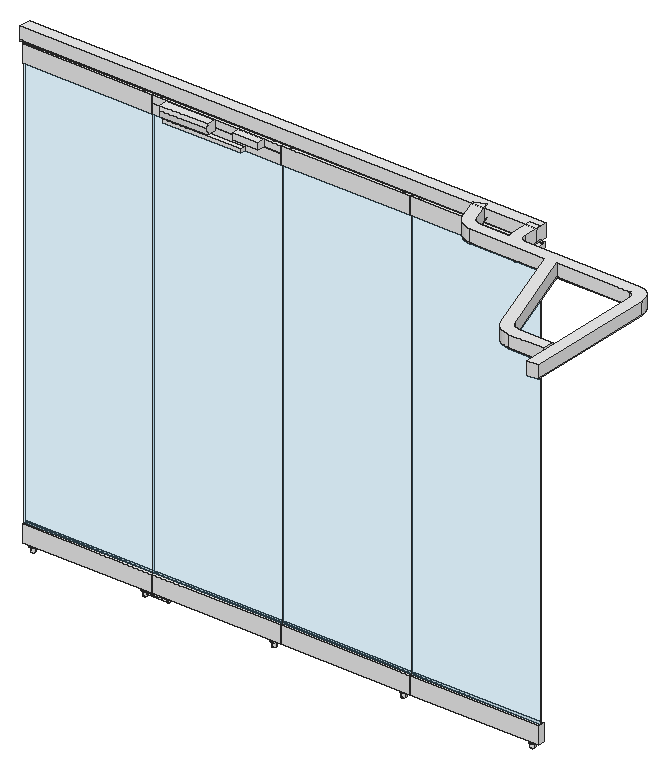
Revit family "75001", category Doors, host Wall, Revit 2018
Family settings
  Host = Wall
  OmniClass Number = 23.30.10.17.11
  OmniClass Title = Sliding Doors
  Always vertical = Yes
  Cut with Voids When Loaded = No
  Shared = No
  Room Calculation Point = No
Parameters (values of type "HSW75 - Concept H")
  Wall Width [instance] = 0' - 6"
  Socket C [instance] = Panels  # 4
  Panels C [instance] = if(Panels = 3, 2, Panels - 2)  # 2
  Open Single [instance] = if(and(Open, Panels = 3), 1 = 1, 1 = 0)  # no
  Open Multi [instance] = if(and(Open, Panels > 3), 1 = 1, 1 = 0)  # no
  Left Stack Constraint C [instance] = if(Panels = 3, 2, Panels - 2)  # 2
  Header Thickenss = 0' - 2 1/4"  # constant formula
  Exterior Wall Offset C [instance] = if(Wall Width - Exterior Wall Offset > 0' 5", Wall Width - 0' 5", if(Wall Width - Exterior Wall Offset > 0' 3 23/32", Wall Width - 0' 3 23/32", Exterior Wall Offset))  # 0' - 2 9/32"
  Closed Single [instance] = if(and(Closed, Panels = 3), 1 = 1, 1 = 0)  # no
  Closed Multi [instance] = if(and(Closed, Panels > 3), 1 = 1, 1 = 0)  # yes
  Analytic Construction = "<None>"
  A Overide Stack [instance] = 1 = 1  # yes
  Y N Overide Number of Panels [instance] = no
  Warranty URL = "http://www.nanawall.com/support/warranty"
  URL = "http://www.nanawall.com/"
  Thickness = 0' - 1 7/16"
  Subcategory = "Single Track Sliding Door"  # constant formula
  Size Note = "Adjust Height and Width as necessary to fit your project needs. Multiple Panel and opening configurations are available. See Product Page URL for more information."  # constant formula
  Size Comment [instance] = if(or(A Overide Stack, Y N Overide Number of Panels), "CONTACT NANAWALL FOR SPECIAL SIZING", " ")  # "CONTACT NANAWALL FOR SPECIAL SIZING"
  Size Chart [instance] = "https://www.nanawall.com/products/hsw75/sizes"
  Sills Available = "Raised, Low Profile Saddle, Flush"  # constant formula
  Sash = Metal - NanaWall - Aluminum
  Rough Width = Width - (2 * (0' 0 121/128"))  # 9' - 10 7/64"
  Rough Height = Height Constraint  # 9' - 0"
  Product Page URL = "https://www.nanawall.com/products/hsw75"
  Performance URL = "https://www.nanawall.com/products/hsw75/performance"
  Panels [instance] = if(Y N Overide Number of Panels, Overide Number of Panels, Panel Constraint)  # 4
  Panel Width [instance] = Opening Width / Panels  # 2' - 6"
  Panel Height = Height Constraint  # 9' - 0"
  Panel Constraint [instance] = if(Width < 9' 0", 3, if(Width < 12' 0", 4, if(Width < 15' 0", 5, if(Width < 18' 0", 6, if(Width < 21' 0", 7, if(Width < 24' 0", 8, if(Width < 27' 0", 9, if(Width < 30' 0", 10, if(Width < 33' 0", 11, if(Width < 36' 0", 12, if(Width < 39' 0", 13, if(Width < 42' 0", 14, if(Width < 45' 0", 15, if(Width < 48' 0", 16, if(Width < 51' 0", 17, if(Width < 54' 0", 18, if(Width < 57' 0", 19, if(Width < 60' 0", 20, 21))))))))))))))))))  # 4
  Overide Number of Panels [instance] = 4
  Opening Width = Width  # 10' - 0"
  Open [instance] = no
  NanaWall Configurator = "http://www.nanawall.com/content/select-wizard"
  Model = "HSW75 - Concept H"  # constant formula
  Max Panel Height = if(Panel Height > 10' 6", 10' 6", Panel Height)  # 9' - 0"
  Manufacturer Toll Free Phone = "(888) 411-NANA(6262)"  # constant formula
  Manufacturer Phone = "(415) 383-3148"  # constant formula
  Manufacturer Fax = "(415) 383-0312"  # constant formula
  Manufacturer Email = "mailto:info@nanawall.com"
  Manufacturer Address = "100 Meadowcreek Drive #250, Corte Madera, CA 94925"  # constant formula
  Manufacturer = "NanaWall Systems, Inc."  # constant formula
  Left Standard [instance] = rounddown(Panels / 2)  # 2
  Left Stack Width [instance] = (Panels * 0' 2") + 0' 1 3/8"  # 0' - 9 3/8"
  Jamb Height = if(Height < 3' 3", 3' 3 61/64", if(Height > Height Constraint, Height Constraint + 0' 0 61/64", Height + 0' 0 61/64"))  # 9' - 0 61/64"
  Installation and Service URL = "https://www.nanawall.com/products/hsw75/installation-service"
  Height Constraint = if(Height < 3' 3", 3' 3", if(Height > 10' 6", 10' 6", Height))  # 9' - 0"
  Height = 9' - 0"
  Wall Closure = By host
  Width = 10' - 0"
  Half Panel Width [instance] = Panel Width / 2  # 1' - 3"
  Glazing Options = "https://www.nanawall.com/products/hsw75/glass"
  Glass Material = Glass - NanaWall - Generic
  Exterior Wall Offset = 0' - 1"
  Engineering Details URL = "https://www.nanawall.com/shortform?typ=NW%20-%20Download&doc=https://www.nanawall.com/products/hsw75/cad-3d"
  Detail Component in Section = yes
  Detail Component in Plan = yes
  Description = "Frameless Glass Wall"  # constant formula
  Cost Info = "https://www.nanawall.com/products/hsw75/pricing"
  Closed [instance] = not(Open)  # yes
  Clearance On [instance] = no
  Assembly Code = "B2050.1040"
  A Split Stack Right [instance] = 1  # constant formula
  A Split Stack [instance] = 1 = 0  # no
  A Right Stack [instance] = 1 = 0  # no
  A Left Stack [instance] = 1 = 1  # yes
  95 CSI = "8411"  # constant formula
  04 CSI = "08 41 13"  # constant formula
Reference planes (in)
  plane 1 "Center (Front/Back)": y = 0
  plane 2 "Center (Left/Right)": x = 0
  plane 3 "Left": x = -60
  plane 4 "Right": x = 60
  plane 5 "Top": z = 108
  plane 6: z = 103.9375
  plane 7 "Top Edge Of Sill": z = 0.49213
  plane 8: z = 54
  plane 9 "Sash Offset Plane": y = 0.71875
  plane 10: x = 30
  plane 11 "EXT": y = 3.02178
  plane 12: y = 1.4375
  plane 13: y = 0
  plane 14: y = 0.9375
  plane 15: y = 0.5
  plane 16: z = 0.09228
  plane 17: x = -55.35212
  plane 18: x = 32
  plane 19: x = -30
  plane 20: x = 0
  plane 21: x = -32
  plane 22: x = -2
  plane 23: x = -58
  plane 24: y = 3.61657
  plane 25: y = -1.16981
  plane 26: y = -7.03125
  plane 27: y = 1.84375
  plane 28: y = -0.40625
  plane 29: x = 81
  plane 30: x = 90.375
  plane 31: y = -35.03125
  plane 32: y = -5.03125
  plane 33: y = -33.03125
  plane 34: y = -39.77531
  plane 35: x = 87.625
  plane 36: x = 83.375
  plane 37: x = 81.375
Forms (in)
  Sweep 1, solid, material "Metal - NanaWall - Aluminum" <- "Sash"
    path origin (0, 0, 108) x (0, -1, 0) y (1, 0, 0)
      loop
        line (39.77531, 90.375) -> (9.78125, 90.375)
        arc (9.78125, 90.375) -> (7.83671, 89.56954) -> (7.03125, 87.625) r 2.75
        line (7.03125, 87.625) -> (7.03125, 50.71228)
        arc (7.03125, 50.71228) -> (6.59887, 49.16861) -> (5.42756, 48.07413) r 2.9718
        line (5.42756, 48.07413) -> (-0.5, 45.91667)
    profile origin (69.16864, -7.03125, 108) x (0, -1, 0) y (0, 0, 1)
      loop
        line (1.31015, 0) -> (-1.31015, 0) -> (-1.31015, -2.87925)
        arc (-1.31015, -2.87925) -> (-1.25239, -3.0187) -> (-1.11294, -3.07646) r 0.19721
        line (-1.11294, -3.07646) -> (1.11294, -3.07646)
        arc (1.11294, -3.07646) -> (1.25239, -3.0187) -> (1.31015, -2.87925) r 0.19721
        line (1.31015, -2.87925) -> (1.31015, 0)
  Extrusion 2, void
    sketch origin (0, 0, 108) x (0, -1, 0) y (-1, 0, 0)
      loop
        line (-3, 60) -> (-3, -60) -> (3, -60) -> (3, 60) -> (-3, 60)
    from 0 to 108
  Sweep 3, solid, material "Metal - NanaWall - Aluminum" <- "Sash"
    path origin (0, 0, 108) x (0, -1, 0) y (1, 0, 0)
      loop
        line (-0.5, 58.6875) -> (4.15625, 58.6875)
        arc (4.15625, 58.6875) -> (6.18918, 59.52957) -> (7.03125, 61.5625) r 2.875
        line (7.03125, 61.5625) -> (7.03125, 68.93653) -> (31.06662, 77.68469)
        arc (31.06662, 77.68469) -> (32.49126, 78.77786) -> (33.03125, 80.49048) r 2.98586
        line (33.03125, 80.49048) -> (33.03125, 88.51114)
    profile origin (58.6875, -1.82812, 108) x (1, 0, 0) y (0, 0, 1)
      loop
        line (1.31015, 0) -> (-1.31015, 0) -> (-1.31015, -2.87925)
        arc (-1.31015, -2.87925) -> (-1.25239, -3.0187) -> (-1.11294, -3.07646) r 0.19721
        line (-1.11294, -3.07646) -> (1.11294, -3.07646)
        arc (1.11294, -3.07646) -> (1.25239, -3.0187) -> (1.31015, -2.87925) r 0.19721
        line (1.31015, -2.87925) -> (1.31015, 0)
Cuts and joins
  joined: Sweep 1, Sweep 3
Lines and regions (in)
  Masking region 1
    outline origin (29, 0, 0) x (0, -1, 0) y (1, 0, 0)
      loop
        arc (31.42544, 47.64514) -> (33.42758, 49.25295) -> (34.15611, 51.71523) r 4.29918
        line (34.15611, 51.71523) -> (34.15611, 59.51114) -> (31.99552, 59.51114) -> (31.99552, 51.31086)
        arc (31.99552, 51.31086) -> (31.58362, 50.26372) -> (30.6989, 49.56844) r 2.14828
        line (30.6989, 49.56844) -> (8.25073, 41.39797) -> (8.25073, 59.05792)
        arc (8.25073, 59.05792) -> (8.61684, 59.9418) -> (9.50073, 60.30792) r 1.25
        line (9.50073, 60.30792) -> (39.77531, 60.30792) -> (39.77531, 62.55792) -> (9.50073, 62.55792)
        arc (9.50073, 62.55792) -> (7.02585, 61.53279) -> (6.00073, 59.05792) r 3.5
        line (6.00073, 59.05792) -> (6.00073, 32.75)
        arc (6.00073, 32.75) -> (5.48816, 31.51256) -> (4.25073, 31) r 1.75
        line (4.25073, 31) -> (0.40625, 31) -> (0.40625, 28.75) -> (4.25073, 28.75)
        arc (4.25073, 28.75) -> (5.14864, 28.85208) -> (6.00073, 29.15313) r 4
        line (6.00073, 29.15313) -> (6.00073, 21.77439)
        arc (6.00073, 21.77439) -> (5.68757, 20.70751) -> (4.87291, 19.95081) r 2.09655
        line (4.87291, 19.95081) -> (0.40625, 18.32508) -> (0.40625, 15.93068) -> (5.75613, 17.87787)
        arc (5.75613, 17.87787) -> (7.56077, 19.45996) -> (8.25073, 21.75859) r 4.34655
        line (8.25073, 21.75859) -> (8.25073, 37.10444)
        arc (8.25073, 37.10444) -> (8.79032, 38.73476) -> (10.07511, 39.87426) r 3.30503
        line (10.07511, 39.87426) -> (31.42544, 47.64514)
  symbolic lines, detail levels fine
    curve 1: line (0, 20.61503, 0) -> (0, 20.61503, 0.0625)
    curve 2: line (0, 14.29472, 0) -> (0, 14.29472, 0.0625)
  symbolic lines, style "DoorsHiddenLines", visible <- "Open"
    curve 3: line (-60, 1.84375, 0) -> (60, 1.84375, 0)
    curve 4: line (-60, -0.40625, 0) -> (60, -0.40625, 0)
  symbolic lines, style "Elevation Swing", visible <- "Closed"
    curve 5: line (0, 0.71875, 103.9375) -> (-29.8125, 0.71875, 54)
    curve 6: line (-29.8125, 0.71875, 54) -> (0, 0.71875, 0.49213)
Text (in)
  text "Exterior" at (-74.96733, 61.50183, 0), in view "Ref. Level"
  text "Interior" at (-74.96733, -39.71944, 0), in view "Ref. Level"
  text "Exterior" at (0, 40.15149, 87.26307), in view "Right"
  text "Interior" at (0, -64.39139, 87.26307), in view "Right"
  text "Interior" at (0, -31.01599, 123.00693), in view "Left"
  text "Exterior" at (0, 56.57145, 130.34319), in view "Left"
Dimensions and locks (in)
  "Height Constraint": level to plane 5 "Top"
  "Width": plane 3 "Left" to plane 4 "Right"
  equal spacing: plane 3 "Left", plane 2 "Center (Left/Right)", plane 4 "Right"
  locked: plane 6 to plane 5 "Top" at 4.0625
  equal spacing: level, plane 8, plane 5 "Top"
  nested 1 to plane 5 "Top" = 0' - 3.07646"
  "Exterior Wall Offset C": host wall to plane 9 "Sash Offset Plane"
  plane 7 "Top Edge Of Sill" to plane 16 to level = 0' - 0.39985" locked, 0' - 0.09228" locked
  plane 3 "Left" to plane 17 = 0' - 4.64788"
  locked: plane 10 to plane 18 at 2
  "Panel Width": plane 19 to plane 20
  locked: plane 22 to plane 20 at 2
  locked: plane 21 to plane 19 at 2
  equal spacing: group 1, group 2, group 5, group 8  (x3)
  locked: plane 3 "Left" to plane 23 at 2
  "Panel Width": plane 3 "Left" to plane 19
  "Panel Width": plane 10 to plane 4 "Right"
  equal spacing: plane 15, plane 9 "Sash Offset Plane", plane 14
  locked: plane 15 to plane 14 at 0.4375
  equal spacing: plane 13, plane 9 "Sash Offset Plane", plane 12
  locked: plane 13 to plane 12 at 1.4375
  group 4 to group 3 = 2' - 6"
  group 3 to group 4 = 0' - 0"  (x2)
  locked: plane 26 to plane 9 "Sash Offset Plane" at 7.75
  Sweep 1 sketch curve to plane 26 to Sweep 1 sketch curve = 0' - 1.11294" locked, 0' - 1.11294" locked
  Sweep 1 sketch curve to Sweep 1 sketch curve to Sweep 1 sketch curve to plane 5 "Top" = 0' - 0.19721" locked, 0' - 0" locked, 0' - 2.87925" locked
  Sweep 1 sketch curve to plane 26 to Sweep 1 sketch curve = 0' - 1.31015" locked, 0' - 1.31015" locked
  Sweep 3 sketch curve to Sweep 3 sketch curve to plane 4 "Right" = 0' - 2.22588" locked, 0' - 0.19956" locked
  plane 5 "Top" to Sweep 3 sketch curve to Sweep 3 sketch curve to Sweep 3 sketch curve = 0' - 2.87925" locked, 0' - 0" locked, 0' - 0.19721" locked
  Sweep 3 sketch curve to Sweep 3 sketch curve to plane 4 "Right" = 0' - 2.6203" locked, 0' - 0.00235" locked
  "Wall Width": host wall to host wall
  equal spacing: plane 27, plane 9 "Sash Offset Plane", plane 28
  "Header Thickenss": plane 27 to plane 28
  locked: plane 4 "Right" to plane 29 at 21
  "Left Stack Width": plane 29 to plane 30
  "Panel Width": plane 31 to plane 32
  locked: plane 26 to plane 32 at 2
  locked: plane 31 to plane 33 at 2
  locked: plane 34 to plane 31 at 4.74406
  locked: plane 35 to plane 30 at 2.75
  locked: plane 36 to plane 35 at 4.25
  locked: plane 37 to plane 36 at 2
  group 7 to group 6 = 0' - 2"
  group 6 to group 7 = 0' - 0"  (x2)
  Masking region 1 sketch curve to Masking region 1 sketch curve to Masking region 1 sketch curve to Masking region 1 sketch curve to Masking region 1 sketch curve to Masking region 1 sketch curve to plane 4 "Right" to Masking region 1 sketch curve to Masking region 1 sketch curve = 0' - 2.07293" locked, 0' - 1.80778" locked, 0' - 0.0158" locked, 0' - 6.97561" locked, 0' - 0.40313" locked, 0' - 1.84687" locked, 0' - 0" locked, 0' - 1 3/4" locked
  Masking region 1 sketch curve to Masking region 1 sketch curve to Masking region 1 sketch curve to plane 30 to Masking region 1 sketch curve = 0' - 0" locked, 0' - 1 1/4" locked, 0' - 1.06708" locked, 0' - 1.18292" locked
  Masking region 1 sketch curve to Masking region 1 sketch curve to Masking region 1 sketch curve to Masking region 1 sketch curve to Masking region 1 sketch curve to plane 26 to Masking region 1 sketch curve to Masking region 1 sketch curve to Masking region 1 sketch curve to Masking region 1 sketch curve to Masking region 1 sketch curve to Masking region 1 sketch curve = 0' - 0.57438" locked, 0' - 0" locked, 0' - 1 1/4" locked, 0' - 0" locked, 0' - 1.21948" locked, 0' - 1.03052" locked, 0' - 0" locked, 0' - 0.24459" locked, 0' - 0.88323" locked, 0' - 0.62218" locked, 0' - 0" locked
  plane 4 "Right" to Masking region 1 sketch curve to Masking region 1 sketch curve to Masking region 1 sketch curve = 0' - 6.10444" locked, 0' - 2.76982" locked, 0' - 1.52371" locked
  Masking region 1 sketch curve to plane 33 to Masking region 1 sketch curve to Masking region 1 sketch curve to Masking region 1 sketch curve = 0' - 1.12486" locked, 0' - 1.03573" locked, 0' - 0.57008" locked, 0' - 0.72654" locked
  locked: Masking region 1 sketch curve to plane 30 at 1.86386
  Sweep 1 sketch curve to plane 26 to Sweep 1 sketch curve = 0' - 2 3/4" locked, 0' - 1.60369" locked
  Sweep 1 sketch curve to Sweep 1 sketch curve to plane 4 "Right" = 0' - 2.63815" locked, 0' - 9.28772" locked
  Sweep 1 sketch curve to plane 30 = 0' - 2 3/4"
  Sweep 3 sketch curve to plane 4 "Right" to Sweep 3 sketch curve to Sweep 3 sketch curve = 0' - 1 5/16" locked, 0' - 1 9/16" locked, 0' - 7.37403" locked
  locked: Sweep 3 sketch curve to plane 30 at 1.86386
  plane 26 to Sweep 3 sketch curve to Sweep 3 sketch curve = 0' - 0" locked, 0' - 2 7/8" locked
  plane 33 to Sweep 3 sketch curve to Sweep 3 sketch curve = 0' - 0" locked, 0' - 1.96463" locked
  locked: Sweep 3 sketch curve to Sweep 3 sketch curve at 3.42523
  radius of Masking region 1 sketch curve = 0' - 2.14828"
  radius of Masking region 1 sketch curve = 0' - 4.29918"
  radius of Sweep 3 sketch curve = 0' - 2.98586"
  locked: Masking region 1 sketch curve to Masking region 1 sketch curve (angle 110.00°)  (x2)
  locked: Masking region 1 sketch curve to Masking region 1 sketch curve (angle 90.00°)  (x4)
  locked: Masking region 1 sketch curve to Masking region 1 sketch curve (angle 70.00°)  (x2)
  locked: Sweep 1 sketch curve to Sweep 1 sketch curve (angle 110.00°)
  locked: Sweep 1 sketch curve to Sweep 1 sketch curve (angle 90.00°)
  locked: Sweep 3 sketch curve to Sweep 3 sketch curve (angle 90.00°)
  locked: Sweep 3 sketch curve to Sweep 3 sketch curve (angle 110.00°)
  aligned and locked: nested 1 to plane 5 "Top"
  aligned and locked: nested 1 to plane 9 "Sash Offset Plane"
  aligned and locked: Extrusion 2 sketch curve to plane 3 "Left"
  aligned and locked: plane 4 "Right" to Extrusion 2 sketch curve
  aligned and locked: Extrusion 2 sketch curve to host wall  (x2)
  aligned and locked: Extrusion 2 to level
  aligned and locked: Extrusion 2 to plane 5 "Top"
  aligned and locked: nested 2 to plane 9 "Sash Offset Plane"
  aligned and locked: nested 3 to plane 9 "Sash Offset Plane"
  aligned and locked: nested 4 to plane 23
  aligned and locked: nested 4 to plane 9 "Sash Offset Plane"
  aligned and locked: nested 2 to plane 21
  aligned and locked: nested 3 to plane 22
  aligned and locked: Sweep 1 sketch curve to plane 5 "Top"
  aligned and locked: plane 9 "Sash Offset Plane" to nested 5
  aligned and locked: nested 5 to plane 19
  aligned and locked: nested 6 to plane 19
  aligned and locked: plane 8 to nested 6
  aligned and locked: nested 7 to plane 8
  aligned and locked: nested 6 to plane 9 "Sash Offset Plane"
  aligned and locked: plane 4 "Right" to nested 7
  aligned and locked: nested 7 to plane 9 "Sash Offset Plane"
  aligned and locked: nested 8 to plane 9 "Sash Offset Plane"
  aligned and locked: nested 8 to plane 3 "Left"
  aligned and locked: nested 9 to plane 10
  aligned and locked: nested 9 to plane 9 "Sash Offset Plane"
  aligned and locked: plane 4 "Right" to nested 10
  aligned and locked: nested 10 to plane 9 "Sash Offset Plane"
  aligned and locked: nested 11 to plane 19
  aligned and locked: plane 12 to nested 11
  aligned and locked: Sweep 1 sketch curve to plane 26
  aligned and locked: plane 15 to Sweep 1 sketch curve
  aligned and locked: plane 15 to Sweep 3 sketch curve
  aligned and locked: Sweep 3 sketch curve to plane 5 "Top"
  aligned and locked: plane 4 "Right" to curve 3
  aligned and locked: plane 27 to curve 3
  aligned and locked: curve 4 to plane 28
  aligned and locked: plane 4 "Right" to curve 4
  aligned and locked: plane 3 "Left" to curve 3
  aligned and locked: Masking region 1 sketch curve to plane 28  (x2)
  aligned and locked: nested 8 to plane 8
  aligned and locked: nested 9 to plane 8
  aligned and locked: nested 10 to plane 8
  aligned and locked: plane 3 "Left" to curve 4
  aligned and locked: plane 6 to curve 5
  aligned and locked: plane 7 "Top Edge Of Sill" to curve 6
  aligned and locked: plane 30 to nested 13
  aligned and locked: nested 13 to plane 34
  aligned and locked: plane 35 to nested 14
  aligned and locked: plane 26 to nested 14
  aligned and locked: plane 36 to nested 15
  aligned and locked: plane 32 to nested 15
  aligned and locked: plane 37 to nested 16
  aligned and locked: plane 32 to nested 16
  aligned and locked: plane 34 to Masking region 1 sketch curve
  aligned and locked: plane 34 to Sweep 1 sketch curve
  aligned and locked: plane 30 to Sweep 1 sketch curve
  aligned and locked: plane 32 to nested 17
  aligned and locked: plane 36 to nested 17
  aligned and locked: nested 17 to plane 8
  aligned and locked: nested 13 to plane 8
  aligned and locked: plane 8 to nested 14
  aligned and locked: nested 16 to plane 8
  aligned and locked: nested 15 to plane 8
Automatic sketch dimensions
  curve 2 to level = 0' - 0"
  curve 1 to level = 0' - 0"
  curve 2 to plane 24 = 0' - 10.67814"
  curve 1 to plane 16 = 0' - 0.02978"
  curve 2 to curve 1 = 0' - 6 41/128"
  curve 2 to plane 16 = 0' - 0.02978"
  plane 20 to curve 6 = 0' - 0"
  plane 20 to curve 5 = 0' - 0"
  curve 6 to plane 8 = 0' - 0"
  curve 6 to plane 19 = 0' - 0 3/16"
  Masking region 1 sketch curve to Masking region 1 sketch curve = 0' - 0"  (x2)
  Masking region 1 sketch curve to Masking region 1 sketch curve = 0' - 0.10197"
  Masking region 1 sketch curve to Masking region 1 sketch curve = 0' - 1.47532"
  Masking region 1 sketch curve to Masking region 1 sketch curve = 0' - 0.00271"
Nested families (in)
  nested 1: "HSW75 Header Geo" at (7.30207, 0.71875, 0), type "Standard"
    with Swing - non pivot no
  nested 2: "HSW75 Socket" at (-24.69793, 0.71875, 0), type "Standard"
  nested 3: "HSW75 Socket" at (5.30207, 0.71875, 0), type "Standard"
  nested 4: "HSW75 Socket" at (-50.69793, 0.71875, 0), type "Standard"
  nested 5: "HSW75 Swing Slide Panel Base" at (-38.05207, -0.53125, 0) x (-1, 0, 0) z (0, 0, 1), type "Standard"
  nested 6: "HSW75 Panel - Swing Slide Outswing" at (-15.01235, 8.8557, 0), visible <- "Closed", type "HSW75 Panel"
    with Width 2' - 6", Swing B Length 1' - 6", Swing A Length 0' - 11", Height 9' - 0"
  nested 7: "HSW75 Panel - Sliding" at (44.98765, 8.8557, 0), visible <- "Closed Multi", type "HSW75 Panel"
    with Height 9' - 0"
  nested 8: "HSW75 Panel - Sliding" at (-45.01235, 8.8557, 0), visible <- "Closed", type "HSW75 Panel"
    with Height 9' - 0"
  nested 9: "HSW75 Panel - Sliding" at (14.98765, 8.8557, 0), visible <- "Closed Multi", type "HSW75 Panel"
    with Height 9' - 0"
  nested 10: "HSW75 Panel - Sliding" at (44.98765, 8.8557, 0), visible <- "Closed Single", type "HSW75 Panel"
    with Height 9' - 0"
  nested 11: "Door Swing Detail" at (-30, 1.4375, 0), visible <- "Closed", type "Door Swing Detail"
    with Panel Width 2' - 6"
  nested 12: "HSW75 Socket" at (35.30207, 0.71875, 0), type "Standard"
  nested 13: "HSW75 Panel - Sliding" at (98.51195, -24.76296, 0) x (0, -1, 0) z (0, 0, 1), visible <- "Open", type "HSW75 Panel"
    with Height 9' - 0"
  nested 14: "HSW75 Panel - Swing Slide Outswing" at (95.76195, -20.0189, 0) x (0, -1, 0) z (0, 0, 1), visible <- "Open", type "HSW75 Panel"
    with Width 2' - 6", Swing B Length 1' - 6", Swing A Length 0' - 11", Height 9' - 0"
  nested 15: "HSW75 Panel - Sliding" at (91.51195, -20.0189, 0) x (0, -1, 0) z (0, 0, 1), visible <- "Open Multi", type "HSW75 Panel"
    with Height 9' - 0"
  nested 16: "HSW75 Panel - Sliding" at (89.51195, -20.0189, 0) x (0, -1, 0) z (0, 0, 1), visible <- "Open Multi", type "HSW75 Panel"
    with Height 9' - 0"
  nested 17: "HSW75 Panel - Sliding" at (91.51195, -20.0189, 0) x (0, -1, 0) z (0, 0, 1), visible <- "Open Single", type "HSW75 Panel"
    with Height 9' - 0"
  nested 18: "HSW75 Socket" at (65.30207, 0.71875, 0), type "Standard"
Definition of nested family "HSW75 Header Geo"
  Parameters
    Width = 10' - 0"
    Swing - non pivot = yes
    Not DCS = not(Detail Component in Section)  # no
    Height = 9' - 0"
    Header = none
    Half = no
    Detail Component in Section = yes
    Assembly Code = ""
    Analytic Construction = "<None>"
  Reference planes (in)
    plane 1 "Center (Front/Back)": y = 0
    plane 2: z = 0
    plane 3 "Center (Left/Right)": x = -7.30207
    plane 4 "Left": x = -67.30207
    plane 5 "Right": x = 52.69793
    plane 6 "Top": z = 108
    plane 7: x = -67.17707
    plane 8: x = 52.57293
    plane 9: x = 52.3034
    plane 10: x = 49.70965
    plane 11: x = 53.69793
  Forms (in)
    Sweep 1, solid, material <- "Header"
      path origin (-67.09578, -180, 108) x (-1, 0, 0) y (0, -1, 0)
        loop
          line (0.20629, -180.13672) -> (-119.79371, -180.13672)
      profile origin (-7.30207, 0.13672, 108) x (0, 1, 0) y (0, 0, 1)
        loop
          line (1.24374, 0) -> (-1.51718, 0) -> (-1.51718, -2.87925)
          arc (-1.51718, -2.87925) -> (-1.45942, -3.0187) -> (-1.31997, -3.07646) r 0.19721
          line (-1.31997, -3.07646) -> (1.04653, -3.07646)
          arc (1.04653, -3.07646) -> (1.18598, -3.0187) -> (1.24374, -2.87925) r 0.19721
          line (1.24374, -2.87925) -> (1.24374, 0)
    Extrusion 2, solid, material <- "Header", visible <- "Swing - non pivot"
      sketch origin (-7.30207, 0, 0) x (0, 1, 0) y (0, 0, 1)
        loop
          line (-1.22047, 107.96063) -> (-2.24415, 107.96063) -> (-3.04555, 107.30071)
          arc (-3.04555, 107.30071) -> (-3.15132, 107.16482) -> (-3.18898, 106.99679) r 0.39369
          line (-3.18898, 106.99679) -> (-3.18898, 104.69291) -> (-0.66929, 104.69291) -> (-0.66929, 104.92913) -> (-1.22047, 104.92913) -> (-1.22047, 107.96063)
      from 57.01172 to 61
  Lines and regions (in)
    Masking region 1, visible <- "Not DCS"
      outline origin (-7.30207, 0, 0) x (0, 1, 0) y (0, 0, 1)
        loop
          line (1.38046, 108) -> (-1.37795, 108) -> (-1.37795, 104.92913) -> (1.38046, 104.92913) -> (1.38046, 108)
  Dimensions and locks (in)
    equal spacing: plane 4 "Left", plane 3 "Center (Left/Right)", plane 5 "Right"
    "Width": plane 4 "Left" to plane 5 "Right"
    "Height": plane 6 "Top" to level
    locked: plane 4 "Left" to plane 7 at 0.125
    locked: plane 8 to plane 5 "Right" at 0.125
    plane 10 to plane 9 to plane 8 = 0' - 2 19/32" locked, 0' - 0 69/256" locked
    plane 1 "Center (Front/Back)" to Extrusion 2 sketch curve to Extrusion 2 sketch curve to Extrusion 2 sketch curve to Extrusion 2 sketch curve to Extrusion 2 sketch curve = 0' - 0.66929" locked, 0' - 0.55118" locked, 0' - 1.02368" locked, 0' - 0.8014" locked, 0' - 0.14343" locked
    plane 6 "Top" to Extrusion 2 sketch curve to Extrusion 2 sketch curve to Extrusion 2 sketch curve to Extrusion 2 sketch curve to Extrusion 2 sketch curve = 0' - 0.03937" locked, 0' - 0.65992" locked, 0' - 0.30391" locked, 0' - 2.06766" locked, 0' - 0.23622" locked
    locked: plane 5 "Right" to plane 11 at 1
    aligned and locked: plane 6 "Top" to Sweep 1 sketch curve
    aligned and locked: Extrusion 2 to plane 10
    aligned and locked: nested 1 to plane 1 "Center (Front/Back)"
    aligned and locked: plane 6 "Top" to nested 1
    aligned and locked: plane 11 to Extrusion 2
  Automatic sketch dimensions
    Sweep 1 sketch curve to plane 5 "Right" = 0' - 0"
    Sweep 1 sketch curve to plane 4 "Left" = 0' - 0"
    Sweep 1 sketch curve to plane 1 "Center (Front/Back)" = 0' - 0 35/256"
    Sweep 1 sketch curve to Sweep 1 sketch curve = 0' - 0.19721"
    profile plane to Sweep 1 sketch curve = 0' - 1.31997"
    Sweep 1 sketch curve to Sweep 1 sketch curve = 0' - 2.3665"
    Sweep 1 sketch curve to profile plane = 0' - 1.24374"
    Sweep 1 sketch curve to plane 6 "Top" = 0' - 2.87925"
    Masking region 1 sketch curve to plane 6 "Top" = 0' - 0"
    plane 1 "Center (Front/Back)" to Masking region 1 sketch curve = 0' - 1.37795"
    Masking region 1 sketch curve to plane 1 "Center (Front/Back)" = 0' - 1.38046"
    Masking region 1 sketch curve to Masking region 1 sketch curve = 0' - 3.07087"
  Nested families (in)
    nested 1: "HSW75 Header Detail" at (-7.30207, 0, 108) x (0, -1, 0) z (1, 0, 0), visible <- "Detail Component in Section", type "HSW75 Header Detail"
  Definition of nested family "HSW75 Header Detail"
    Reference planes (in)
      plane 1 "Center (Front/Back)": y = 0
      plane 2: z = 0
      plane 3 "Center (Left/Right)": x = 0
    Lines and regions (in)
      Masking region 1, in view "Ref. Level", detail levels coarse
        outline origin (0, -38.77449, 0) x (1, 0, 0) y (0, 1, 0)
          loop
            line (-1.37795, 38.77449) -> (-1.37795, 35.70363) -> (1.37795, 35.70363) -> (1.37795, 38.77449) -> (-1.37795, 38.77449)
      Masking region 2, in view "Ref. Level", detail levels medium
        outline origin (0, -38.77449, 0) x (1, 0, 0) y (0, 1, 0)
          loop
            line (0.43386, 35.70363) -> (1.37795, 35.70363) -> (1.37795, 38.57764) -> (1.32283, 38.57764) -> (1.32283, 38.4989) -> (1.18504, 38.4989) -> (1.18504, 38.77449) -> (0.67717, 38.77449) -> (0.67717, 38.45953) -> (0.4252, 38.45953) -> (0.4252, 38.77449) -> (-0.4252, 38.77449) -> (-0.4252, 38.45953) -> (-0.67717, 38.45953) -> (-0.67717, 38.77449) -> (-1.18504, 38.77449) -> (-1.18504, 38.4989) -> (-1.32283, 38.4989) -> (-1.32283, 38.57764) -> (-1.37795, 38.57764) -> (-1.37795, 35.70363) -> (-0.43386, 35.70363) -> (-0.43386, 35.11545) -> (0.43386, 35.11545) -> (0.43386, 35.70363)
      Masking region 3, in view "Ref. Level", detail levels fine
        outline origin (0, -38.77449, 0) x (1, 0, 0) y (0, 1, 0)
          loop
            line (0.49213, 35.93032) -> (0.54198, 35.90036)
            arc (0.54198, 35.90036) -> (0.68898, 35.86117) -> (0.54205, 35.82174) r 0.07874
            line (0.54205, 35.82174) -> (0.49213, 35.79292) -> (0.49213, 35.70363) -> (0.9252, 35.70363) -> (0.98425, 35.76268) -> (1.04331, 35.70363) -> (1.18045, 35.70363)
            arc (1.18045, 35.70363) -> (1.32007, 35.76105) -> (1.37795, 35.90048) r 0.19685
            line (1.37795, 35.90048) -> (1.37795, 38.57764) -> (1.32283, 38.57764) -> (1.32283, 38.4989) -> (1.18504, 38.4989) -> (1.18504, 38.77449) -> (1.0979, 38.77449) -> (1.03346, 38.66288)
            arc (1.03346, 38.66288) -> (0.98425, 38.47922) -> (0.93504, 38.66288) r 0.09843
            line (0.93504, 38.66288) -> (0.8706, 38.77449) -> (0.67717, 38.77449) -> (0.67717, 38.69575) -> (0.79134, 38.69575) -> (0.79134, 38.49103) -> (0.67717, 38.49103) -> (0.67717, 38.45953) -> (0.4252, 38.45953) -> (0.4252, 38.49103) -> (0.31102, 38.49103) -> (0.31102, 38.69575) -> (0.4252, 38.69575) -> (0.4252, 38.77449) -> (0.11365, 38.77449) -> (0.07874, 38.71402)
            arc (0.07874, 38.71402) -> (0, 38.42016) -> (-0.07874, 38.71402) r 0.15748
            line (-0.07874, 38.71402) -> (-0.11365, 38.77449) -> (-0.4252, 38.77449) -> (-0.4252, 38.69575) -> (-0.31102, 38.69575) -> (-0.31102, 38.49103) -> (-0.4252, 38.49103) -> (-0.4252, 38.45953) -> (-0.67717, 38.45953) -> (-0.67717, 38.49103) -> (-0.79134, 38.49103) -> (-0.79134, 38.69575) -> (-0.67717, 38.69575) -> (-0.67717, 38.77449) -> (-0.8706, 38.77449) -> (-0.93504, 38.66288)
            arc (-0.93504, 38.66288) -> (-0.98425, 38.47922) -> (-1.03346, 38.66288) r 0.09843
            line (-1.03346, 38.66288) -> (-1.0979, 38.77449) -> (-1.18504, 38.77449) -> (-1.18504, 38.4989) -> (-1.32283, 38.4989) -> (-1.32283, 38.57764) -> (-1.37795, 38.57764) -> (-1.37795, 35.90048)
            arc (-1.37795, 35.90048) -> (-1.3203, 35.76128) -> (-1.18175, 35.70363) r 0.19685
            line (-1.18175, 35.70363) -> (-1.04331, 35.70363) -> (-0.98425, 35.76268) -> (-0.9252, 35.70363) -> (-0.49213, 35.70363) -> (-0.49213, 35.79292) -> (-0.54205, 35.82174)
            arc (-0.54205, 35.82174) -> (-0.68898, 35.86117) -> (-0.54198, 35.90036) r 0.07874
            line (-0.54198, 35.90036) -> (-0.49213, 35.93032) -> (-0.49213, 35.9816) -> (-0.58915, 36.01859) -> (-1.09449, 36.01859) -> (-1.09449, 38.26268) -> (-0.35433, 38.26268) -> (-0.35433, 37.79024) -> (-0.27559, 37.79024) -> (-0.27559, 38.14457) -> (0.27559, 38.14457) -> (0.27559, 37.79024) -> (0.35433, 37.79024) -> (0.35433, 38.26268) -> (1.09449, 38.26268) -> (1.09449, 36.01859) -> (0.58915, 36.01859) -> (0.49213, 35.9816) -> (0.49213, 35.93032)
      Masking region 4, in view "Ref. Level", detail levels fine
        outline origin (0, 0, 0) x (1, 0, 0) y (0, 1, 0)
          loop
            line (0.21693, -3.07087) -> (0.9252, -3.07087) -> (0.98425, -3.01181) -> (1.04331, -3.07087) -> (1.18045, -3.07087)
            arc (1.18045, -3.07087) -> (1.32007, -3.01344) -> (1.37795, -2.87401) r 0.19685
            line (1.37795, -2.87401) -> (1.37795, -0.19685) -> (1.32283, -0.19685) -> (1.32283, -0.27559) -> (1.18504, -0.27559) -> (1.18504, 0) -> (1.0979, 0) -> (1.03346, -0.11161)
            arc (1.03346, -0.11161) -> (0.98425, -0.29527) -> (0.93504, -0.11161) r 0.09843
            line (0.93504, -0.11161) -> (0.8706, 0) -> (0.67717, 0) -> (0.67717, -0.07874) -> (0.79134, -0.07874) -> (0.79134, -0.28346) -> (0.67717, -0.28346) -> (0.67717, -0.31496) -> (0.4252, -0.31496) -> (0.4252, -0.28346) -> (0.31102, -0.28346) -> (0.31102, -0.07874) -> (0.4252, -0.07874) -> (0.4252, 0) -> (0.11365, 0) -> (0.07874, -0.06047)
            arc (0.07874, -0.06047) -> (0, -0.35433) -> (-0.07874, -0.06047) r 0.15748
            line (-0.07874, -0.06047) -> (-0.11365, 0) -> (-0.4252, 0) -> (-0.4252, -0.07874) -> (-0.31102, -0.07874) -> (-0.31102, -0.28346) -> (-0.4252, -0.28346) -> (-0.4252, -0.31496) -> (-0.67717, -0.31496) -> (-0.67717, -0.28346) -> (-0.79134, -0.28346) -> (-0.79134, -0.07874) -> (-0.67717, -0.07874) -> (-0.67717, 0) -> (-0.8706, 0) -> (-0.93504, -0.11161)
            arc (-0.93504, -0.11161) -> (-0.98425, -0.29527) -> (-1.03346, -0.11161) r 0.09843
            line (-1.03346, -0.11161) -> (-1.0979, 0) -> (-1.18504, 0) -> (-1.18504, -0.27559) -> (-1.32283, -0.27559) -> (-1.32283, -0.19685) -> (-1.37795, -0.19685) -> (-1.37795, -2.87401)
            arc (-1.37795, -2.87401) -> (-1.32007, -3.01344) -> (-1.18045, -3.07087) r 0.19685
            line (-1.18045, -3.07087) -> (-1.04331, -3.07087) -> (-0.98425, -3.01181) -> (-0.9252, -3.07087) -> (-0.21693, -3.07087) -> (-0.21693, -3.44613) -> (-0.27609, -3.44613) -> (-0.27609, -3.65904) -> (0.27609, -3.65904) -> (0.27609, -3.44613) -> (0.21693, -3.44613) -> (0.21693, -3.07087)
      detail lines, in view "Ref. Level", detail levels fine
        curve 1: line (0.27609, -3.65904, 0) -> (-0.27609, -3.65904, 0)
        curve 2: line (-0.27609, -3.44613, 0) -> (-0.27609, -3.65904, 0)
        curve 3: line (0.27609, -3.65904, 0) -> (0.27609, -3.44613, 0)
        curve 4: line (0.27609, -3.44613, 0) -> (0.21693, -3.44613, 0)
        curve 5: line (-0.21693, -3.44613, 0) -> (-0.27609, -3.44613, 0)
        curve 6: line (-0.21693, -3.07578, 0) -> (-0.21693, -3.44613, 0)
        curve 7: line (0.21693, -3.44613, 0) -> (0.21693, -3.07578, 0)
        curve 8: line (-0.43386, -3.07578, 0) -> (0.43386, -3.07578, 0)
        curve 9: line (0.43386, -3.07578, 0) -> (0.43386, -2.63758, 0)
        curve 10: line (-0.4733, -2.63758, 0) -> (0.4733, -2.63758, 0)
        curve 11: line (-0.43386, -2.63758, 0) -> (-0.43386, -3.07578, 0)
        curve 12: line (-0.4733, -1.05991, 0) -> (-0.4733, -2.63758, 0)
        curve 13: line (0.4733, -2.63758, 0) -> (0.4733, -1.45433, 0)
        curve 14: line (0.48947, -1.05991, 0) -> (-0.4733, -1.05991, 0)
        curve 15: line (1.00576, -1.05991, 0) -> (0.48947, -1.05991, 0)
        curve 16: line (0.3747, -1.02047, 0) -> (0.3747, -0.58661, 0)
        curve 17: line (0.41414, -1.05991, 0) -> (0.3747, -1.02047, 0)
        curve 18: line (1.04521, -1.02047, 0) -> (1.00576, -1.05991, 0)
        curve 19: line (1.04521, -1.02047, 0) -> (0.3747, -1.02047, 0)
        curve 20: line (1.04521, -0.58661, 0) -> (1.04521, -1.02047, 0)
        curve 21: line (1.00576, -0.54717, 0) -> (1.04521, -0.58661, 0)
        curve 22: line (0.41414, -0.54717, 0) -> (1.00576, -0.54717, 0)
        curve 23: line (1.04521, -0.58661, 0) -> (0.3747, -0.58661, 0)
        curve 24: line (0.3747, -0.58661, 0) -> (0.41414, -0.54717, 0)
        curve 25: line (0.4733, -1.45433, 0) -> (0.98604, -1.45433, 0)
        curve 26: line (0.9466, -2.71646, 0) -> (0.9466, -1.45433, 0)
        curve 27: line (0.90716, -1.45433, 0) -> (0.90716, -2.7559, 0)
        curve 28: line (0.55218, -2.7559, 0) -> (0.55218, -1.45433, 0)
        curve 29: line (0.51274, -1.45433, 0) -> (0.51274, -2.71646, 0)
        curve 30: line (0.51274, -1.76986, 0) -> (0.4733, -1.76986, 0)
        curve 31: line (0.4733, -2.24316, 0) -> (0.51274, -2.24316, 0)
        curve 32: line (0.90716, -2.7559, 0) -> (0.9466, -2.71646, 0)
        curve 33: line (0.51274, -2.71646, 0) -> (0.55218, -2.7559, 0)
        curve 34: line (-0.51274, -2.71646, 0) -> (-0.51274, -1.29656, 0)
        curve 35: line (-0.55218, -2.7559, 0) -> (-0.51274, -2.71646, 0)
        curve 36: line (-0.55218, -1.25712, 0) -> (-0.55218, -2.7559, 0)
        curve 37: line (-0.9466, -2.71646, 0) -> (-0.90716, -2.7559, 0)
        curve 38: line (-0.90716, -2.7559, 0) -> (-0.90716, -1.25712, 0)
        curve 39: line (-0.9466, -1.29656, 0) -> (-0.9466, -2.71646, 0)
        curve 40: line (-0.90716, -1.25712, 0) -> (-0.9466, -1.29656, 0)
        curve 41: line (-0.55218, -1.25712, 0) -> (-0.90716, -1.25712, 0)
        curve 42: line (-0.51274, -1.29656, 0) -> (-0.55218, -1.25712, 0)
        curve 43: line (0.98604, -1.45433, 0) -> (0.98604, -1.05991, 0)
        curve 44: line (0.82809, -1.45433, 0) -> (0.82809, -1.05991, 0)
        curve 45: line (0.90716, -2.7559, 0) -> (0.55218, -2.7559, 0)
        curve 46: line (-0.55218, -2.7559, 0) -> (-0.90716, -2.7559, 0)
Definition of nested family "HSW75 Socket"
  Parameters
    Width = 5' - 0"
    Left Jamb = none
    Height = 9' - 0 61/64"
    Assembly Code = ""
    Analytic Construction = "<None>"
  Reference planes (in)
    plane 1 "Center (Front/Back)": y = 0
    plane 2: z = 0
    plane 3 "Center (Left/Right)": x = -7.30207
  Forms (in)
    Revolve 1, solid, material <- "Left Jamb"
      sketch origin (0, 0, 0) x (1, 0, 0) y (0, 0, 1)
        loop
          line (-7.78945, 0) -> (-7.78945, -1.1208) -> (-7.75008, -1.16016) -> (-7.30207, -1.16016) -> (-7.30207, -1.1208) -> (-7.74895, -1.1208) -> (-7.74895, 0.09842) -> (-7.83358, 0.09842) -> (-8.08948, 0.03934) -> (-8.08948, 0) -> (-7.78945, 0)
        axis (-7.30207, -1.16016) -> (-7.30207, 0.09842)
      angle from 0 to 360
    Extrusion 2, void
      sketch origin (0, 0, 0) x (1, 0, 0) y (0, 1, 0)
        loop
          circle (-7.30207, 0) r 0.44688
      from -1.1208 to 0
  Dimensions and locks (in)
    plane 3 "Center (Left/Right)" to Revolve 1 sketch curve to Revolve 1 sketch curve to Revolve 1 sketch curve to Revolve 1 sketch curve to Revolve 1 sketch curve = 0' - 0.44688" locked, 0' - 0.00113" locked, 0' - 0.03937" locked, 0' - 0.04414" locked, 0' - 0.2559" locked
    Revolve 1 sketch curve to Revolve 1 sketch curve to plane 2 to Revolve 1 sketch curve to Revolve 1 sketch curve to Revolve 1 sketch curve to Revolve 1 sketch curve = 0' - 0.05908" locked, 0' - 0.03934" locked, 0' - 0" locked, 0' - 1.1208" locked, 0' - 0" locked, 0' - 0.03937" locked
    aligned and locked: plane 3 "Center (Left/Right)" to Revolve 1 sketch curve  (x2)
    aligned and locked: plane 3 "Center (Left/Right)" to Extrusion 2 sketch curve
    aligned and locked: plane 1 "Center (Front/Back)" to Extrusion 2 sketch curve
    aligned and locked: level to Extrusion 2
Definition of nested family "HSW75 Swing Slide Panel Base"
  Parameters
    Width = 0' - 2 1/8"
    Length = 0' - 5 1/8"
    Left Jamb = none
    Height = 9' - 0 61/64"
    Assembly Code = ""
    Analytic Construction = "<None>"
  Reference planes (in)
    plane 1 "Center (Front/Back)": y = -1.25
    plane 2: z = 0
    plane 3 "Center (Left/Right)": x = -7.30207
    plane 4: z = 0.09228
    plane 5: y = -0.1875
    plane 6: y = -2.3125
    plane 7: x = -12.42707
    plane 8: x = -7.78513
    plane 9: x = -11.95832
    plane 10: y = -0.65625
    plane 11: y = -1.84375
    plane 12: x = -8.05207
  Forms (in)
    Extrusion 1, solid, material <- "Left Jamb"
      sketch origin (-1.09243, -0.48306, 0) x (1, 0, 0) y (0, 1, 0)
        loop
          line (-10.86589, -0.17319) -> (-10.86589, -1.36069) -> (-6.69269, -1.36069) -> (-6.69269, -0.17319) -> (-10.86589, -0.17319)
      from 0 to 0.09228
    Sweep 2, solid, material <- "Left Jamb"
      path origin (-1.09243, -0.48306, 0) x (1, 0, 0) y (0, 1, 0)
        loop
          line (-10.86589, -1.36069) -> (-6.69269, -1.36069) -> (-6.69269, -0.17319) -> (-10.86589, -0.17319) -> (-10.86589, -1.36069)
      profile origin (-11.95832, -1.25, 0) x (-1, 0, 0) y (0, 0, 1)
        loop
          line (0.46875, 0.0319) -> (0.11164, 0.09228) -> (0, 0.09228) -> (0, 0) -> (0.46875, 0) -> (0.46875, 0.0319)
  Cuts and joins
    joined: Extrusion 1, Sweep 2
  Dimensions and locks (in)
    locked: level to plane 4 at 0.09228
    Sweep 2 sketch curve to Sweep 2 sketch curve to plane 4 to Sweep 2 sketch curve = 0' - 0.0319" locked, 0' - 0.06038" locked, 0' - 0" locked
    "Length": plane 7 to plane 3 "Center (Left/Right)"
    equal spacing: plane 6, plane 1 "Center (Front/Back)", plane 5
    "Width": plane 6 to plane 5
    locked: plane 8 to plane 3 "Center (Left/Right)" at 0.48306
    locked: plane 7 to plane 9 at 0.46875
    locked: plane 6 to plane 11 at 0.46875
    locked: plane 10 to plane 5 at 0.46875
    locked: Sweep 2 sketch curve to plane 9 at 0.11164
    locked: plane 12 to plane 3 "Center (Left/Right)" at 0.75
    aligned and locked: plane 4 to Extrusion 1
    aligned and locked: plane 8 to Sweep 2 sketch curve
    aligned and locked: plane 11 to Sweep 2 sketch curve
    aligned and locked: Sweep 2 sketch curve to plane 9  (x2)
    aligned and locked: Sweep 2 sketch curve to plane 7
    aligned and locked: Extrusion 1 sketch curve to plane 10
    aligned and locked: Extrusion 1 sketch curve to plane 8
    aligned and locked: Extrusion 1 sketch curve to plane 11
    aligned and locked: plane 9 to Extrusion 1 sketch curve
  Automatic sketch dimensions
    plane 10 to Sweep 2 sketch curve = 0' - 0"
Definition of nested family "HSW75 Panel - Swing Slide Outswing"
  Parameters
    Width = 2' - 0"
    Top Rail Thickness = 0' - 3 15/16"
    Thickness = 0' - 1 7/16"
    Swing B Length = if(Width > 2' 5", 1' 6", 1' 0")  # 1' - 0"
    Swing A Length = if(Width > 2' 5", 0' 11", 0' 8")  # 0' - 8"
    Sash = none
    Rail Thickness = 0' - 3 15/16"
    Height = 10' - 6"
    Glass Thickness = 0' - 0 7/16"
    Glass = none
    Depth = 0' - 1 95/128"
    Assembly Code = ""
    Analytic Construction = "<None>"
  Reference planes (in)
    plane 1 "Center (Front/Back)": y = -8.13695
    plane 2: z = 0
    plane 3 "Center (Left/Right)": x = 0.01235
    plane 4 "Interior": y = -7.4182
    plane 5 "Exterior": y = -8.8557
    plane 6 "Interior Edge of Glass": y = -8.3557
    plane 7 "Exterior Edge of Glass": y = -7.9182
    plane 8 "Top Edge": z = 121.9375
    plane 9 "Bottom Edge of Glass": z = 0.25
    plane 10 "Left Edge of Glass": x = -11.98765
    plane 11 "Right Edge of Glass": x = 12.01235
    plane 12: z = 4.1875
    plane 13: z = 3.20312
    plane 14: z = 118
    plane 15: z = 118.98437
    plane 16: y = -9.16055
    plane 17: x = -12.17515
    plane 18: x = 12.19985
    plane 19: z = 126
    plane 20: z = 123.125
    plane 21: x = -9.98765
    plane 22: x = 10.01235
    plane 23: x = 8.01235
    plane 24: x = 2.26235
    plane 25: x = -8.36265
    plane 26: x = -0.36265
    plane 27: x = 3.63735
    plane 28: z = 63
  Forms (in)
    Extrusion 1, solid, material <- "Glass"
      sketch origin (0, 0, 0) x (1, 0, 0) y (0, 1, 0)
        loop
          line (-11.98765, -7.9182) -> (-11.98765, -8.3557) -> (12.01235, -8.3557) -> (12.01235, -7.9182) -> (-11.98765, -7.9182)
      from 3.20312 to 118.98437
    Extrusion 2, solid, material <- "Sash"
      sketch origin (0.01235, -69.16658, -133.32511) x (0, 1, 0) y (0, 0, 1)
        loop
          line (61.74838, 137.51261) -> (61.24838, 137.51261) -> (61.24838, 136.52824) -> (60.81088, 136.52824) -> (60.81088, 137.51261) -> (60.31088, 137.51261) -> (60.31088, 133.57511) -> (61.74838, 133.57511) -> (61.74838, 137.51261)
      from -12 to 12
    Extrusion 3, solid, material <- "Sash"
      sketch origin (0.01235, -8.67648, -168.46857) x (0, 1, 0) y (0, 0, 1)
        loop
          line (1.25828, 286.46857) -> (1.25828, 288.72447) -> (-0.17922, 288.72447) -> (-0.17922, 286.46857) -> (0.32078, 286.46857) -> (0.32078, 287.45294) -> (0.75828, 287.45294) -> (0.75828, 286.46857) -> (1.25828, 286.46857)
        loop
          line (1.25828, 288.84258) -> (1.25828, 289.47991) -> (1.43519, 289.53205)
          arc (1.43519, 289.53205) -> (1.53463, 289.60347) -> (1.57267, 289.71983) r 0.19699
          line (1.57267, 289.71983) -> (1.57267, 290.32764)
          arc (1.57267, 290.32764) -> (1.5497, 290.3831) -> (1.49425, 290.40607) r 0.07842
          line (1.49425, 290.40607) -> (1.43519, 290.40607) -> (1.43519, 290.72841) -> (1.19897, 290.72841) -> (1.19897, 290.40607) -> (-0.17922, 290.40607) -> (-0.17922, 288.84258) -> (1.25828, 288.84258)
      from -12 to 12
    Extrusion 4, solid, material <- "Sash"
      sketch origin (0, 0, 0) x (1, 0, 0) y (0, 1, 0)
        loop
          circle (-9.98765, -8.13695) r 0.21875
        loop
          circle (10.01235, -8.13695) r 0.21875
      from 121.9375 to 123.125
    Extrusion 5, solid, material <- "Sash"
      sketch origin (0, 0, 0) x (1, 0, 0) y (0, 1, 0)
        loop
          circle (-9.98765, -8.13695) r 0.21875
        loop
          circle (10.01235, -8.13695) r 0.21875
      from 0 to 0.25
    Extrusion 6, solid, material <- "Sash"
      sketch origin (0.01235, 0, 0) x (0, 1, 0) y (0, 0, 1)
        loop
          line (-10.05624, 118.83858) -> (-10.05624, 118) -> (-8.8557, 118) -> (-8.8557, 118.83858) -> (-10.05624, 118.83858)
      from -8.375 to 3.625
    Extrusion 7, solid, material <- "Sash"
      sketch origin (0.01235, 0, 0) x (0, 1, 0) y (0, 0, 1)
        loop
          line (-8.8557, 121.9375) -> (-10.60743, 121.9375) -> (-10.60743, 120.37402) -> (-8.8557, 120.37402) -> (-8.8557, 121.9375)
      from 2.25 to 8
    Extrusion 8, solid, material <- "Sash"
      sketch origin (0.01235, 0, 0) x (0, 1, 0) y (0, 0, 1)
        loop
          line (-8.8557, 119.58661) -> (-8.8557, 121.9375) -> (-10.90312, 121.9375) -> (-11.07211, 120.97914) -> (-10.90113, 119.58661) -> (-8.8557, 119.58661)
      from -0.375 to -8.375
  Lines and regions (in)
    Masking region 1
      outline origin (0, 0, 0) x (1, 0, 0) y (0, 1, 0)
        loop
          line (-11.98765, -7.4182) -> (-11.98765, -8.8557) -> (12.01235, -8.8557) -> (12.01235, -7.4182) -> (-11.98765, -7.4182)
    symbolic lines, detail levels medium+fine
      curve 1: line (12.01235, -7.9182, 0) -> (-11.98765, -7.9182, 0)
      curve 2: line (12.01235, -8.3557, 0) -> (-11.98765, -8.3557, 0)
  Text (in)
    text "INTERIOR" at (-20.63559, -1.53987, 0), in view "Ref. Level"
    text "EXTERIOR" at (-58.41771, -20.04114, 0), in view "Ref. Level"
  Dimensions and locks (in)
    equal spacing: plane 4 "Interior", plane 1 "Center (Front/Back)", plane 5 "Exterior"
    "Thickness": plane 4 "Interior" to plane 5 "Exterior"
    locked: plane 9 "Bottom Edge of Glass" to plane 2 at 0.25
    "Rail Thickness": plane 12 to plane 9 "Bottom Edge of Glass"
    equal spacing: plane 7 "Exterior Edge of Glass", plane 1 "Center (Front/Back)", plane 6 "Interior Edge of Glass"
    "Glass Thickness": plane 7 "Exterior Edge of Glass" to plane 6 "Interior Edge of Glass"
    "Top Rail Thickness": plane 8 "Top Edge" to plane 14
    locked: plane 19 to plane 8 "Top Edge" at 4.0625
    locked: plane 12 to plane 13 at 0.98438
    locked: plane 15 to plane 14 at 0.98437
    locked: plane 10 "Left Edge of Glass" to plane 17 at 0.1875
    locked: plane 11 "Right Edge of Glass" to plane 18 at 0.1875
    equal spacing: plane 11 "Right Edge of Glass", plane 3 "Center (Left/Right)", plane 10 "Left Edge of Glass"
    "Width": plane 11 "Right Edge of Glass" to plane 10 "Left Edge of Glass"
    "Height": level to plane 19
    locked: plane 20 to plane 8 "Top Edge" at 1.1875
    locked: plane 10 "Left Edge of Glass" to plane 21 at 2
    locked: plane 22 to plane 11 "Right Edge of Glass" at 2
    Extrusion 3 sketch curve to Extrusion 3 sketch curve to Extrusion 3 sketch curve to Extrusion 3 sketch curve to Extrusion 3 sketch curve to Extrusion 3 sketch curve = 0' - 1.00858", 0' - 0.18778" locked, 0' - 0.05214" locked, 0' - 0.63733" locked, 0' - 0.11811" locked
    Extrusion 3 sketch curve to Extrusion 3 sketch curve to Extrusion 3 sketch curve to Extrusion 3 sketch curve to Extrusion 3 sketch curve to Extrusion 3 sketch curve to plane 1 "Center (Front/Back)" to Extrusion 3 sketch curve = 0' - 0.07842", 0' - 0.05906" locked, 0' - 0" locked, 0' - 0.17692" locked, 0' - 0.0593" locked, 0' - 0.65945" locked, 0' - 0 23/32" locked
    locked: plane 25 to plane 17 at 3.8125
    locked: plane 14 to Extrusion 6 sketch curve at 0.83858
    locked: plane 5 "Exterior" to Extrusion 6 sketch curve at 1.20054
    locked: plane 8 "Top Edge" to Extrusion 7 sketch curve at 1.56348
    locked: plane 5 "Exterior" to Extrusion 7 sketch curve at 1.75172
    plane 5 "Exterior" to Extrusion 8 sketch curve to Extrusion 8 sketch curve to Extrusion 8 sketch curve = 0' - 2.04542" locked, 0' - 0.002" locked, 0' - 0.16898" locked
    plane 8 "Top Edge" to Extrusion 8 sketch curve to Extrusion 8 sketch curve = 0' - 0.95836" locked, 0' - 1.39252" locked
    locked: plane 23 to plane 11 "Right Edge of Glass" at 4
    "Swing A Length": plane 26 to plane 25
    "Swing B Length": plane 27 to plane 25
    locked: plane 24 to plane 23 at 5.75
    equal spacing: plane 19, plane 28, level
    aligned and locked: Extrusion 1 sketch curve to plane 6 "Interior Edge of Glass"
    aligned and locked: Extrusion 1 to plane 11 "Right Edge of Glass"
    aligned and locked: Extrusion 1 to plane 10 "Left Edge of Glass"
    aligned and locked: plane 13 to Extrusion 1
    aligned and locked: Extrusion 1 to plane 15
    aligned and locked: Extrusion 3 to plane 10 "Left Edge of Glass"
    aligned and locked: Extrusion 3 to plane 11 "Right Edge of Glass"
    aligned and locked: Extrusion 2 to plane 10 "Left Edge of Glass"
    aligned and locked: Extrusion 2 to plane 11 "Right Edge of Glass"
    aligned and locked: Masking region 1 sketch curve to Extrusion 2  (x2)
    aligned and locked: plane 6 "Interior Edge of Glass" to Extrusion 2 sketch curve
    aligned and locked: Extrusion 2 sketch curve to plane 7 "Exterior Edge of Glass"
    aligned and locked: plane 7 "Exterior Edge of Glass" to Extrusion 3 sketch curve
    aligned and locked: Extrusion 3 sketch curve to plane 6 "Interior Edge of Glass"
    aligned and locked: plane 1 "Center (Front/Back)" to Extrusion 4 sketch curve  (x2)
    aligned and locked: plane 21 to Extrusion 4 sketch curve
    aligned and locked: plane 22 to Extrusion 4 sketch curve
    aligned and locked: Extrusion 4 to plane 8 "Top Edge"
    aligned and locked: plane 20 to Extrusion 4
    aligned and locked: plane 21 to Extrusion 5 sketch curve
    aligned and locked: plane 1 "Center (Front/Back)" to Extrusion 5 sketch curve  (x2)
    aligned and locked: plane 22 to Extrusion 5 sketch curve
    aligned and locked: Extrusion 5 to level
    aligned and locked: plane 9 "Bottom Edge of Glass" to Extrusion 5
    aligned and locked: plane 7 "Exterior Edge of Glass" to Extrusion 1
    aligned and locked: plane 10 "Left Edge of Glass" to curve 1
    aligned and locked: Extrusion 1 to plane 6 "Interior Edge of Glass"
    aligned and locked: plane 10 "Left Edge of Glass" to curve 2
    aligned and locked: plane 11 "Right Edge of Glass" to Extrusion 2
    aligned and locked: plane 8 "Top Edge" to Extrusion 3 sketch curve  (x2)
    aligned and locked: Extrusion 6 sketch curve to plane 5 "Exterior"
    aligned and locked: plane 14 to Extrusion 6 sketch curve
    aligned and locked: Extrusion 6 to plane 25
    aligned and locked: plane 27 to Extrusion 6
    aligned and locked: plane 5 "Exterior" to Extrusion 7 sketch curve
    aligned and locked: Extrusion 7 sketch curve to plane 8 "Top Edge"
    aligned and locked: plane 24 to Extrusion 7
    aligned and locked: Extrusion 7 to plane 23
    aligned and locked: plane 5 "Exterior" to Extrusion 8 sketch curve
    aligned and locked: plane 8 "Top Edge" to Extrusion 8 sketch curve
    aligned and locked: Extrusion 8 to plane 25
    aligned and locked: plane 26 to Extrusion 8
    aligned and locked: plane 11 "Right Edge of Glass" to curve 1
    aligned and locked: plane 11 "Right Edge of Glass" to curve 2
  Automatic sketch dimensions
    curve 2 to plane 6 "Interior Edge of Glass" = 0' - 0"
    curve 1 to plane 7 "Exterior Edge of Glass" = 0' - 0"
    Extrusion 1 sketch curve to plane 10 "Left Edge of Glass" = 0' - 0"
    Extrusion 1 sketch curve to plane 11 "Right Edge of Glass" = 0' - 0"
    Extrusion 1 sketch curve to plane 7 "Exterior Edge of Glass" = 0' - 0"
    Extrusion 2 sketch curve to plane 5 "Exterior" = 0' - 0"
    Extrusion 2 sketch curve to plane 4 "Interior" = 0' - 0"
    Extrusion 2 sketch curve to plane 9 "Bottom Edge of Glass" = 0' - 0"
    plane 13 to Extrusion 2 sketch curve = 0' - 0"
    Extrusion 2 sketch curve to plane 12 = 0' - 0"  (x2)
    Masking region 1 sketch curve to plane 5 "Exterior" = 0' - 0"
    Masking region 1 sketch curve to plane 4 "Interior" = 0' - 0"
    Extrusion 3 sketch curve to plane 5 "Exterior" = 0' - 0"
    Extrusion 3 sketch curve to plane 4 "Interior" = 0' - 0"
    plane 14 to Extrusion 3 sketch curve = 0' - 0"  (x2)
    plane 15 to Extrusion 3 sketch curve = 0' - 0"
    Extrusion 3 sketch curve to plane 15 = 0' - 1.27153"
    radius of Extrusion 5 sketch curve = 0' - 0 7/32"  (x2)
    radius of Extrusion 4 sketch curve = 0' - 0 7/32"  (x2)
Definition of nested family "HSW75 Panel - Sliding"
  Parameters
    Width = 2' - 6"
    Thickness = 0' - 1 7/16"
    Sash = none
    Rail Thickness = 0' - 3 15/16"
    Height = 10' - 6"
    Glass Thickness = 0' - 0 7/16"
    Glass = none
    Depth = 0' - 1 95/128"
    Assembly Code = ""
    Analytic Construction = "<None>"
  Reference planes (in)
    plane 1 "Center (Front/Back)": y = -8.13695
    plane 2: z = 0
    plane 3 "Center (Left/Right)": x = 0.01235
    plane 4 "Interior": y = -7.4182
    plane 5 "Exterior": y = -8.8557
    plane 6 "Interior Edge of Glass": y = -8.3557
    plane 7 "Exterior Edge of Glass": y = -7.9182
    plane 8 "Top Edge": z = 121.9375
    plane 9 "Bottom Edge of Glass": z = 0.25
    plane 10 "Left Edge of Glass": x = -14.98765
    plane 11 "Right Edge of Glass": x = 15.01235
    plane 12: z = 4.1875
    plane 13: z = 3.20312
    plane 14: z = 118
    plane 15: z = 118.98437
    plane 16: y = -9.16055
    plane 17: x = -15.17515
    plane 18: x = 15.19985
    plane 19: z = 126
    plane 20: z = 123.125
    plane 21: x = -12.98765
    plane 22: x = 13.01235
    plane 23: z = 63
  Forms (in)
    Extrusion 1, solid, material <- "Glass"
      sketch origin (0, 0, 0) x (1, 0, 0) y (0, 1, 0)
        loop
          line (-14.98765, -7.9182) -> (-14.98765, -8.3557) -> (15.01235, -8.3557) -> (15.01235, -7.9182) -> (-14.98765, -7.9182)
      from 3.20312 to 118.98437
    Extrusion 2, solid, material <- "Sash"
      sketch origin (0.01235, -69.16658, -133.32511) x (0, 1, 0) y (0, 0, 1)
        loop
          line (61.74838, 137.51261) -> (61.24838, 137.51261) -> (61.24838, 136.52824) -> (60.81088, 136.52824) -> (60.81088, 137.51261) -> (60.31088, 137.51261) -> (60.31088, 133.57511) -> (61.74838, 133.57511) -> (61.74838, 137.51261)
      from -15 to 15
    Extrusion 3, solid, material <- "Sash"
      sketch origin (0.01235, -8.67648, -168.46857) x (0, 1, 0) y (0, 0, 1)
        loop
          line (1.25828, 286.46857) -> (1.25828, 289.47991) -> (1.43519, 289.53205)
          arc (1.43519, 289.53205) -> (1.53463, 289.60347) -> (1.57267, 289.71983) r 0.19699
          line (1.57267, 289.71983) -> (1.57267, 290.32764)
          arc (1.57267, 290.32764) -> (1.5497, 290.3831) -> (1.49425, 290.40607) r 0.07842
          line (1.49425, 290.40607) -> (1.43519, 290.40607) -> (1.43519, 290.72841) -> (1.19897, 290.72841) -> (1.19897, 290.40607) -> (-0.17922, 290.40607) -> (-0.17922, 286.46857) -> (0.32078, 286.46857) -> (0.32078, 287.45294) -> (0.75828, 287.45294) -> (0.75828, 286.46857) -> (1.25828, 286.46857)
      from -15 to 15
    Extrusion 4, solid, material <- "Sash"
      sketch origin (0, 0, 0) x (1, 0, 0) y (0, 1, 0)
        loop
          circle (-12.98765, -8.13695) r 0.21875
        loop
          circle (13.01235, -8.13695) r 0.21875
      from 121.9375 to 123.125
    Extrusion 5, solid, material <- "Sash"
      sketch origin (0, 0, 0) x (1, 0, 0) y (0, 1, 0)
        loop
          circle (13.01235, -8.13695) r 0.21875
      from 0 to 0.25
  Lines and regions (in)
    Masking region 1
      outline origin (0, 0, 0) x (1, 0, 0) y (0, 1, 0)
        loop
          line (-14.98765, -7.4182) -> (-14.98765, -8.8557) -> (15.01235, -8.8557) -> (15.01235, -7.4182) -> (-14.98765, -7.4182)
    symbolic lines, detail levels medium+fine
      curve 1: line (-14.98765, -7.9182, 0) -> (15.01235, -7.9182, 0)
      curve 2: line (-14.98765, -8.3557, 0) -> (15.01235, -8.3557, 0)
  Text (in)
    text "INTERIOR" at (-20.63559, -1.53987, 0), in view "Ref. Level"
    text "EXTERIOR" at (-58.41771, -20.04114, 0), in view "Ref. Level"
  Dimensions and locks (in)
    equal spacing: plane 4 "Interior", plane 1 "Center (Front/Back)", plane 5 "Exterior"
    "Thickness": plane 4 "Interior" to plane 5 "Exterior"
    locked: plane 9 "Bottom Edge of Glass" to plane 2 at 0.25
    "Rail Thickness": plane 12 to plane 9 "Bottom Edge of Glass"
    equal spacing: plane 7 "Exterior Edge of Glass", plane 1 "Center (Front/Back)", plane 6 "Interior Edge of Glass"
    "Glass Thickness": plane 7 "Exterior Edge of Glass" to plane 6 "Interior Edge of Glass"
    "Rail Thickness": plane 8 "Top Edge" to plane 14
    locked: plane 19 to plane 8 "Top Edge" at 4.0625
    locked: plane 12 to plane 13 at 0.98438
    locked: plane 15 to plane 14 at 0.98437
    locked: plane 10 "Left Edge of Glass" to plane 17 at 0.1875
    locked: plane 11 "Right Edge of Glass" to plane 18 at 0.1875
    equal spacing: plane 11 "Right Edge of Glass", plane 3 "Center (Left/Right)", plane 10 "Left Edge of Glass"
    "Width": plane 11 "Right Edge of Glass" to plane 10 "Left Edge of Glass"
    "Height": level to plane 19
    locked: plane 20 to plane 8 "Top Edge" at 1.1875
    locked: plane 10 "Left Edge of Glass" to plane 21 at 2
    locked: plane 22 to plane 11 "Right Edge of Glass" at 2
